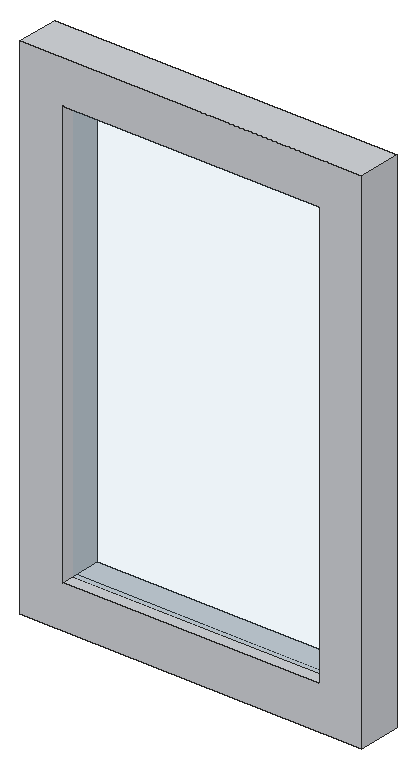
Revit family "PHLS Window", category Windows, host Wall, Revit 2018 (continued)
Definition of nested family "dReveal Right Side Text - Elevation"
  Lines and regions (mm)
    Filled region 7, type "Solid Fill - Blue", in view "Ref. Level"
      outline origin (140.799, 0, 0) x (1, 0, 0) y (0, 1, 0)
        loop
          line (-187.699, -23.161) -> (-177.445, -23.161)
    Filled region 8, type "Solid Fill - Blue", in view "Ref. Level"
      outline origin (177.936, 0, 0) x (1, 0, 0) y (0, 1, 0)
        loop
          line (-188.129, -25.472) -> (-174.751, -25.472)
          spline (-174.751, -25.472) -> (-175.33, -18.793) -> (-178.232, -15.972) -> (-182.297, -15.286) -> (-185.875, -16.235) -> (-188.923, -19.053) -> (-190.829, -22.908) -> (-191.378, -26.678) -> (-190.398, -30.629) -> (-187.637, -33.408) -> (-183.785, -34.191) -> (-179.629, -32.861) -> (-175.591, -27.915)
          line (-175.591, -27.915) -> (-178.628, -27.65)
          spline (-178.628, -27.65) -> (-179.383, -29.083) -> (-180.181, -30.112) -> (-181.08, -30.842) -> (-182.086, -31.328) -> (-183.191, -31.613) -> (-184.325, -31.69) -> (-185.385, -31.524) -> (-186.294, -31.082) -> (-187.053, -30.342) -> (-187.68, -29.283) -> (-188.105, -27.762) -> (-188.129, -25.472)
        loop
          spline (-177.445, -23.161) -> (-177.526, -21.224) -> (-177.805, -19.993) -> (-178.317, -19.083) -> (-179.061, -18.396) -> (-179.944, -17.928) -> (-180.872, -17.685) -> (-181.802, -17.626) -> (-182.746, -17.748) -> (-183.806, -18.125) -> (-185.057, -18.884) -> (-186.406, -20.407) -> (-187.699, -23.161)
          line (-187.699, -23.161) -> (-177.445, -23.161)
    Filled region 9, type "Solid Fill - Blue", in view "Ref. Level"
      outline origin (162.443, 0, 0) x (1, 0, 0) y (0, 1, 0)
        loop
          line (-189.88, -33.819) -> (-186.425, -33.819) -> (-175.939, -15.656) -> (-179.19, -15.656) -> (-187.655, -30.927) -> (-189.88, -15.656) -> (-192.832, -15.656) -> (-189.88, -33.819)
    Filled region 10, type "Solid Fill - Blue", in view "Ref. Level"
      outline origin (197.496, 0, 0) x (1, 0, 0) y (0, 1, 0)
        loop
          spline (-176.731, -33.81) -> (-177.048, -30.756) -> (-176.568, -27.729) -> (-175.862, -24.428) -> (-175.296, -21.761) -> (-175.209, -19.472) -> (-176.174, -17.323) -> (-178.088, -15.946) -> (-180.408, -15.324) -> (-183.076, -15.244) -> (-185.871, -15.924) -> (-188.445, -17.662) -> (-190.254, -20.766)
          line (-190.254, -20.766) -> (-187.177, -21.036)
          spline (-187.177, -21.036) -> (-186.217, -19.367) -> (-185.166, -18.49) -> (-184.123, -18.053) -> (-183.14, -17.828) -> (-182.213, -17.753) -> (-181.329, -17.788) -> (-180.488, -17.931) -> (-179.696, -18.205) -> (-178.989, -18.646) -> (-178.457, -19.328) -> (-178.242, -20.429) -> (-178.61, -22.434)
          spline (-178.61, -22.434) -> (-182.106, -22.969) -> (-185.94, -23.268) -> (-188.411, -23.836) -> (-190.183, -24.81) -> (-191.466, -26.329) -> (-192.072, -28.375) -> (-191.785, -30.63) -> (-190.666, -32.589) -> (-188.815, -33.834) -> (-186.625, -34.269) -> (-184.308, -33.979) -> (-180.197, -31.547)
          line (-180.197, -31.547) -> (-179.837, -33.81) -> (-176.731, -33.81)
        loop
          arc (-179.062, -24.59) -> (-179.61, -24.797) -> (-180.176, -24.947) r 5.632
          spline (-180.176, -24.947) -> (-183.054, -25.289) -> (-185.569, -25.599) -> (-187.565, -26.26) -> (-188.711, -27.474) -> (-189.006, -29.249) -> (-188.323, -30.798) -> (-186.742, -31.691) -> (-184.734, -31.772) -> (-182.898, -31.193) -> (-181.336, -30.093) -> (-180.13, -28.385) -> (-179.062, -24.59)
    Filled region 11, type "Solid Fill - Blue", in view "Ref. Level"
      outline origin (212.589, 0, 0) x (1, 0, 0) y (0, 1, 0)
        loop
          line (-188.472, -33.793) -> (-185.362, -33.793) -> (-180.225, -8.762) -> (-183.335, -8.762) -> (-188.472, -33.793)
    Filled region 12, type "Solid Fill - Blue", in view "Ref. Level"
      outline origin (374.336, 0, 0) x (1, 0, 0) y (0, 1, 0)
        loop
          line (-188.129, -25.472) -> (-174.751, -25.472)
          spline (-174.751, -25.472) -> (-175.33, -18.793) -> (-178.232, -15.972) -> (-182.297, -15.286) -> (-185.875, -16.235) -> (-188.923, -19.053) -> (-190.829, -22.908) -> (-191.378, -26.678) -> (-190.398, -30.629) -> (-187.637, -33.408) -> (-183.785, -34.191) -> (-179.629, -32.861) -> (-175.591, -27.915)
          line (-175.591, -27.915) -> (-178.628, -27.65)
          spline (-178.628, -27.65) -> (-179.383, -29.083) -> (-180.181, -30.112) -> (-181.08, -30.842) -> (-182.086, -31.328) -> (-183.191, -31.613) -> (-184.325, -31.69) -> (-185.385, -31.524) -> (-186.294, -31.082) -> (-187.053, -30.342) -> (-187.68, -29.283) -> (-188.105, -27.762) -> (-188.129, -25.472)
        loop
          spline (-177.445, -23.161) -> (-177.526, -21.224) -> (-177.805, -19.993) -> (-178.317, -19.083) -> (-179.061, -18.396) -> (-179.944, -17.928) -> (-180.872, -17.685) -> (-181.802, -17.626) -> (-182.746, -17.748) -> (-183.806, -18.125) -> (-185.057, -18.884) -> (-186.406, -20.407) -> (-187.699, -23.161)
          line (-187.699, -23.161) -> (-177.445, -23.161)
    Filled region 13, type "Solid Fill - Blue", in view "Ref. Level"
      outline origin (363.908, 0, 0) x (1, 0, 0) y (0, 1, 0)
        loop
          line (-189.097, -33.793) -> (-186.143, -33.793) -> (-181.007, -8.762) -> (-183.96, -8.762) -> (-185.992, -18.666)
          spline (-185.992, -18.666) -> (-189.018, -15.645) -> (-191.89, -15.318) -> (-194.745, -16.312) -> (-197.017, -18.256) -> (-198.758, -21.005) -> (-199.707, -23.911) -> (-199.98, -27.227) -> (-199.492, -30.174) -> (-197.974, -32.627) -> (-195.435, -34.052) -> (-192.553, -33.977) -> (-188.596, -31.353)
          line (-188.596, -31.353) -> (-189.097, -33.793)
        loop
          spline (-187.074, -23.939) -> (-187.766, -19.434) -> (-189.652, -17.96) -> (-191.978, -17.855) -> (-193.982, -19.036) -> (-195.419, -21.043) -> (-196.57, -23.675) -> (-197.008, -26.615) -> (-196.558, -29.314) -> (-195.29, -31.127) -> (-193.225, -31.745) -> (-190.995, -31.199) -> (-187.564, -26.326)
          line (-187.564, -26.326) -> (-187.074, -23.939)
    Filled region 14, type "Solid Fill - Blue", in view "Ref. Level"
      outline origin (301.91, 0, 0) x (1, 0, 0) y (0, 1, 0)
        loop
          spline (-188.225, -31.068) -> (-188.142, -32.2) -> (-187.85, -32.743) -> (-187.548, -33.075) -> (-187.215, -33.366) -> (-186.817, -33.641) -> (-186.334, -33.851) -> (-185.8, -33.988) -> (-185.279, -34.07) -> (-184.77, -34.11) -> (-184.203, -34.117) -> (-183.457, -34.057) -> (-182.296, -33.793)
          line (-182.296, -33.793) -> (-181.778, -31.268)
          spline (-181.778, -31.268) -> (-182.615, -31.431) -> (-183.256, -31.506) -> (-183.748, -31.513) -> (-184.131, -31.466) -> (-184.428, -31.371) -> (-184.66, -31.233) -> (-184.832, -31.045) -> (-184.939, -30.798) -> (-184.983, -30.489) -> (-184.981, -30.117) -> (-184.902, -29.552) -> (-184.676, -28.55)
          line (-184.676, -28.55) -> (-182.44, -18.033) -> (-179.466, -18.033) -> (-178.977, -15.651) -> (-181.952, -15.651) -> (-180.595, -9.043) -> (-184.142, -11.174) -> (-185.061, -15.651) -> (-187.516, -15.651) -> (-188.004, -18.033) -> (-185.55, -18.033) -> (-188.225, -31.068)
    Filled region 15, type "Solid Fill - Blue", in view "Ref. Level"
      outline origin (342.757, 0, 0) x (1, 0, 0) y (0, 1, 0)
        loop
          line (-187.046, -33.813) -> (-183.92, -33.813) -> (-180.059, -15.651) -> (-183.186, -15.651) -> (-187.046, -33.813)
        loop
          line (-178.662, -8.76) -> (-181.772, -8.76) -> (-182.479, -12.206) -> (-179.369, -12.206) -> (-178.662, -8.76)
    Filled region 16, type "Solid Fill - Blue", in view "Ref. Level"
      outline origin (325.902, 0, 0) x (1, 0, 0) y (0, 1, 0)
        loop
          spline (-191.902, -25.696) -> (-188.873, -32.573) -> (-184.7, -34.054) -> (-179.1, -33.911) -> (-174.626, -31.632) -> (-172.605, -27.747) -> (-173.701, -23.276) -> (-177.807, -20.444) -> (-183.106, -18.033) -> (-185.511, -14.656) -> (-182.77, -11.452) -> (-177.656, -11.4) -> (-174.053, -16.091)
          line (-174.053, -16.091) -> (-170.823, -15.809)
          spline (-170.823, -15.809) -> (-173.206, -10.35) -> (-177.749, -8.428) -> (-183.329, -8.698) -> (-187.292, -10.915) -> (-188.76, -15.635) -> (-186.187, -19.894) -> (-181.292, -22.401) -> (-176.599, -25.193) -> (-176.643, -29.277) -> (-181.021, -31.416) -> (-186.304, -30.526) -> (-188.603, -25.407)
          line (-188.603, -25.407) -> (-191.902, -25.696)
    Filled region 17, type "Solid Fill - Blue", in view "Ref. Level"
      outline origin (231.047, 0, 0) x (1, 0, 0) y (0, 1, 0)
        loop
          line (-188.472, -33.793) -> (-185.05, -33.793) -> (-182.768, -22.676) -> (-178.749, -22.676)
          spline (-178.749, -22.676) -> (-177.093, -22.836) -> (-175.853, -23.268) -> (-174.945, -23.899) -> (-174.288, -24.657) -> (-173.796, -25.469) -> (-173.389, -26.266) -> (-173.006, -27.05) -> (-172.612, -27.905) -> (-172.172, -28.918) -> (-171.652, -30.178) -> (-171.017, -31.774) -> (-170.235, -33.793)
          line (-170.235, -33.793) -> (-166.55, -33.793)
          spline (-166.55, -33.793) -> (-167.221, -32.11) -> (-167.783, -30.698) -> (-168.262, -29.514) -> (-168.682, -28.512) -> (-169.068, -27.647) -> (-169.446, -26.874) -> (-169.84, -26.149) -> (-170.279, -25.44) -> (-170.789, -24.735) -> (-171.402, -24.023) -> (-172.145, -23.293) -> (-173.048, -22.536)
          spline (-173.048, -22.536) -> (-169.187, -21.607) -> (-167.872, -20.91) -> (-166.626, -19.99) -> (-165.691, -18.809) -> (-165.041, -17.479) -> (-164.64, -16.087) -> (-164.569, -14.41) -> (-164.781, -12.941) -> (-165.311, -11.614) -> (-166.271, -10.347) -> (-167.333, -9.51) -> (-170.221, -8.762)
          line (-170.221, -8.762) -> (-183.335, -8.762) -> (-188.472, -33.793)
        loop
          line (-180.453, -11.396) -> (-182.195, -19.881) -> (-174.048, -19.881)
          spline (-174.048, -19.881) -> (-171.339, -19.39) -> (-170.403, -18.98) -> (-169.624, -18.453) -> (-168.951, -17.766) -> (-168.372, -16.767) -> (-167.965, -15.727) -> (-167.815, -14.787) -> (-167.91, -13.846) -> (-168.186, -12.981) -> (-168.936, -12.084) -> (-169.762, -11.678) -> (-172.089, -11.396)
          line (-172.089, -11.396) -> (-180.453, -11.396)
    Filled region 18, type "Solid Fill - Blue", in view "Ref. Level"
      outline origin (254.228, 0, 0) x (1, 0, 0) y (0, 1, 0)
        loop
          line (-187.046, -33.813) -> (-183.92, -33.813) -> (-180.059, -15.651) -> (-183.186, -15.651) -> (-187.046, -33.813)
        loop
          line (-178.662, -8.76) -> (-181.772, -8.76) -> (-182.479, -12.206) -> (-179.369, -12.206) -> (-178.662, -8.76)
    Filled region 19, type "Solid Fill - Blue", in view "Ref. Level"
      outline origin (273.129, 0, 0) x (1, 0, 0) y (0, 1, 0)
        loop
          line (-180.059, -15.651) -> (-182.873, -15.651) -> (-183.507, -18.631)
          spline (-183.507, -18.631) -> (-187.01, -15.474) -> (-189.921, -15.283) -> (-192.548, -16.16) -> (-194.909, -18.032) -> (-196.766, -20.673) -> (-197.861, -23.651) -> (-198.089, -26.745) -> (-197.453, -29.77) -> (-195.976, -32.014) -> (-193.714, -33.506) -> (-190.414, -33.658) -> (-186.497, -31.375)
          spline (-186.497, -31.375) -> (-187.176, -34.352) -> (-187.597, -35.867) -> (-188.052, -36.823) -> (-188.69, -37.524) -> (-189.569, -38.048) -> (-190.623, -38.384) -> (-191.767, -38.529) -> (-192.924, -38.517) -> (-193.958, -38.361) -> (-194.751, -38.029) -> (-195.45, -37.333) -> (-195.731, -35.767)
          line (-195.731, -35.767) -> (-198.821, -35.466)
          spline (-198.821, -35.466) -> (-198.736, -37.55) -> (-198.091, -39.018) -> (-196.931, -40.043) -> (-195.401, -40.659) -> (-193.776, -40.988) -> (-192.164, -41.084) -> (-190.591, -40.969) -> (-189.102, -40.652) -> (-187.722, -40.101) -> (-186.377, -39.083) -> (-185.025, -37.23) -> (-183.92, -33.813)
          line (-183.92, -33.813) -> (-180.059, -15.651)
        loop
          spline (-191.883, -31.164) -> (-190.589, -31.311) -> (-189.243, -30.995) -> (-187.939, -30.237) -> (-186.765, -29.087) -> (-185.801, -27.626) -> (-185.113, -25.951) -> (-184.747, -24.178) -> (-184.729, -22.427) -> (-185.06, -20.818) -> (-185.717, -19.46) -> (-186.655, -18.445) -> (-187.811, -17.844)
          spline (-187.811, -17.844) -> (-189.106, -17.696) -> (-190.451, -18.012) -> (-191.755, -18.771) -> (-192.93, -19.92) -> (-193.894, -21.382) -> (-194.582, -23.056) -> (-194.948, -24.829) -> (-194.966, -26.58) -> (-194.635, -28.189) -> (-193.978, -29.548) -> (-193.039, -30.562) -> (-191.883, -31.164)
    Filled region 20, type "Solid Fill - Blue", in view "Ref. Level"
      outline origin (280.845, 0, 0) x (1, 0, 0) y (0, 1, 0)
        loop
          line (-187.203, -33.813) -> (-184.076, -33.813) -> (-182.029, -24.183)
          spline (-182.029, -24.183) -> (-181.055, -21.496) -> (-180.114, -19.985) -> (-179.213, -19.156) -> (-178.355, -18.578) -> (-177.493, -18.149) -> (-176.57, -17.875) -> (-175.595, -17.762) -> (-174.69, -17.814) -> (-173.937, -18.051) -> (-173.31, -18.53) -> (-172.9, -19.34) -> (-173.029, -21.034)
          line (-173.029, -21.034) -> (-175.745, -33.813) -> (-172.618, -33.813) -> (-170.184, -22.361)
          spline (-170.184, -22.361) -> (-169.793, -19.618) -> (-169.966, -18.045) -> (-170.478, -17.066) -> (-171.158, -16.393) -> (-171.899, -15.878) -> (-172.776, -15.508) -> (-173.861, -15.299) -> (-175.038, -15.27) -> (-176.173, -15.439) -> (-177.283, -15.818) -> (-178.473, -16.46) -> (-180.15, -17.713)
          line (-180.15, -17.713) -> (-180.789, -18.352) -> (-178.751, -8.76) -> (-181.877, -8.76) -> (-187.203, -33.813)
Definition of nested family "oOver Text - Elevation"
  Reference planes
    plane 1 "Center (Front/Back)": y = 0
    plane 2: z = 0
    plane 3 "Center (Left/Right)": x = 0
  Lines and regions (mm)
    Filled region 1, type "Solid Fill - Blue", in view "Ref. Level"
      outline origin (89.608, 43, 0) x (1, 0, 0) y (0, 1, 0)
        loop
          line (-188.472, -33.793) -> (-185.05, -33.793) -> (-182.961, -23.613) -> (-175.674, -23.613)
          spline (-175.674, -23.613) -> (-171.33, -22.908) -> (-169.791, -22.309) -> (-168.405, -21.311) -> (-167.201, -20.024) -> (-166.317, -18.518) -> (-165.768, -16.888) -> (-165.579, -15.289) -> (-165.618, -13.63) -> (-166.119, -11.979) -> (-167.07, -10.588) -> (-168.322, -9.573) -> (-171.627, -8.762)
          line (-171.627, -8.762) -> (-183.335, -8.762) -> (-188.472, -33.793)
        loop
          line (-180.453, -11.396) -> (-182.387, -20.819) -> (-175.67, -20.819)
          spline (-175.67, -20.819) -> (-172.662, -20.274) -> (-171.624, -19.818) -> (-170.758, -19.233) -> (-170.01, -18.47) -> (-169.367, -17.36) -> (-168.916, -16.205) -> (-168.749, -15.161) -> (-168.855, -14.116) -> (-169.161, -13.156) -> (-169.994, -12.16) -> (-170.911, -11.709) -> (-173.495, -11.396)
          line (-173.495, -11.396) -> (-180.453, -11.396)
    Filled region 2, type "Solid Fill - Blue", in view "Ref. Level"
      outline origin (112.819, 43, 0) x (1, 0, 0) y (0, 1, 0)
        loop
          line (-188.472, -33.793) -> (-185.05, -33.793) -> (-182.624, -21.973) -> (-169.658, -21.973) -> (-172.083, -33.793) -> (-168.661, -33.793) -> (-163.525, -8.762) -> (-166.947, -8.762) -> (-169.084, -19.178) -> (-182.05, -19.178) -> (-179.913, -8.762) -> (-183.335, -8.762) -> (-188.472, -33.793)
    Filled region 3, type "Solid Fill - Blue", in view "Ref. Level"
      outline origin (138.023, 43, 0) x (1, 0, 0) y (0, 1, 0)
        loop
          line (-188.472, -33.793) -> (-185.05, -33.793) -> (-182.961, -23.613) -> (-175.674, -23.613)
          spline (-175.674, -23.613) -> (-171.33, -22.908) -> (-169.791, -22.309) -> (-168.405, -21.311) -> (-167.201, -20.024) -> (-166.317, -18.518) -> (-165.768, -16.888) -> (-165.579, -15.289) -> (-165.618, -13.63) -> (-166.119, -11.979) -> (-167.07, -10.588) -> (-168.322, -9.573) -> (-171.627, -8.762)
          line (-171.627, -8.762) -> (-183.335, -8.762) -> (-188.472, -33.793)
        loop
          line (-180.453, -11.396) -> (-182.387, -20.819) -> (-175.67, -20.819)
          spline (-175.67, -20.819) -> (-172.662, -20.274) -> (-171.624, -19.818) -> (-170.758, -19.233) -> (-170.01, -18.47) -> (-169.367, -17.36) -> (-168.916, -16.205) -> (-168.749, -15.161) -> (-168.855, -14.116) -> (-169.161, -13.156) -> (-169.994, -12.16) -> (-170.911, -11.709) -> (-173.495, -11.396)
          line (-173.495, -11.396) -> (-180.453, -11.396)
    Filled region 4, type "Solid Fill - Blue", in view "Ref. Level"
      outline origin (161.087, 43, 0) x (1, 0, 0) y (0, 1, 0)
        loop
          line (-188.472, -33.793) -> (-185.05, -33.793) -> (-182.961, -23.613) -> (-175.674, -23.613)
          spline (-175.674, -23.613) -> (-171.33, -22.908) -> (-169.791, -22.309) -> (-168.405, -21.311) -> (-167.201, -20.024) -> (-166.317, -18.518) -> (-165.768, -16.888) -> (-165.579, -15.289) -> (-165.618, -13.63) -> (-166.119, -11.979) -> (-167.07, -10.588) -> (-168.322, -9.573) -> (-171.627, -8.762)
          line (-171.627, -8.762) -> (-183.335, -8.762) -> (-188.472, -33.793)
        loop
          line (-180.453, -11.396) -> (-182.387, -20.819) -> (-175.67, -20.819)
          spline (-175.67, -20.819) -> (-172.662, -20.274) -> (-171.624, -19.818) -> (-170.758, -19.233) -> (-170.01, -18.47) -> (-169.367, -17.36) -> (-168.916, -16.205) -> (-168.749, -15.161) -> (-168.855, -14.116) -> (-169.161, -13.156) -> (-169.994, -12.16) -> (-170.911, -11.709) -> (-173.495, -11.396)
          line (-173.495, -11.396) -> (-180.453, -11.396)
    Filled region 5, type "Solid Fill - Blue", in view "Ref. Level"
      outline origin (261.661, 43, 0) x (1, 0, 0) y (0, 1, 0)
        loop
          line (-188.129, -25.472) -> (-174.751, -25.472)
          spline (-174.751, -25.472) -> (-175.33, -18.793) -> (-178.232, -15.972) -> (-182.297, -15.286) -> (-185.875, -16.235) -> (-188.923, -19.053) -> (-190.829, -22.908) -> (-191.378, -26.678) -> (-190.398, -30.629) -> (-187.637, -33.408) -> (-183.785, -34.191) -> (-179.629, -32.861) -> (-175.591, -27.915)
          line (-175.591, -27.915) -> (-178.628, -27.65)
          spline (-178.628, -27.65) -> (-179.383, -29.083) -> (-180.181, -30.112) -> (-181.08, -30.842) -> (-182.086, -31.328) -> (-183.191, -31.613) -> (-184.325, -31.69) -> (-185.385, -31.524) -> (-186.294, -31.082) -> (-187.053, -30.342) -> (-187.68, -29.283) -> (-188.105, -27.762) -> (-188.129, -25.472)
        loop
          spline (-177.445, -23.161) -> (-177.526, -21.224) -> (-177.805, -19.993) -> (-178.317, -19.083) -> (-179.061, -18.396) -> (-179.944, -17.928) -> (-180.872, -17.685) -> (-181.802, -17.626) -> (-182.746, -17.748) -> (-183.806, -18.125) -> (-185.057, -18.884) -> (-186.406, -20.407) -> (-187.699, -23.161)
          line (-187.699, -23.161) -> (-177.445, -23.161)
    Filled region 6, type "Solid Fill - Blue", in view "Ref. Level"
      outline origin (246.168, 43, 0) x (1, 0, 0) y (0, 1, 0)
        loop
          line (-189.88, -33.819) -> (-186.425, -33.819) -> (-175.939, -15.656) -> (-179.19, -15.656) -> (-187.655, -30.927) -> (-189.88, -15.656) -> (-192.832, -15.656) -> (-189.88, -33.819)
    Filled region 7, type "Solid Fill - Blue", in view "Ref. Level"
      outline origin (275.905, 42.972, 0) x (1, 0, 0) y (0, 1, 0)
        loop
          line (-187.203, -33.813) -> (-184.232, -33.813) -> (-182.187, -24.191)
          spline (-182.187, -24.191) -> (-181.595, -22.531) -> (-181.014, -21.296) -> (-180.448, -20.401) -> (-179.904, -19.758) -> (-179.385, -19.282) -> (-178.893, -18.903) -> (-178.403, -18.603) -> (-177.889, -18.375) -> (-177.325, -18.211) -> (-176.675, -18.137) -> (-175.886, -18.259) -> (-174.899, -18.698)
          line (-174.899, -18.698) -> (-173.695, -15.861)
          spline (-173.695, -15.861) -> (-174.712, -15.452) -> (-175.433, -15.243) -> (-176.054, -15.188) -> (-176.66, -15.253) -> (-177.241, -15.405) -> (-177.786, -15.618) -> (-178.303, -15.896) -> (-178.811, -16.26) -> (-179.331, -16.733) -> (-179.901, -17.353) -> (-180.588, -18.186) -> (-181.46, -19.3)
          line (-181.46, -19.3) -> (-180.684, -15.651) -> (-183.342, -15.651) -> (-187.203, -33.813)
    Filled region 8, type "Solid Fill - Blue", in view "Ref. Level"
      outline origin (231.737, 44.261, 0) x (1, 0, 0) y (0, 1, 0)
        loop
          spline (-197.159, -32.146) -> (-194.96, -32.651) -> (-192.646, -32.462) -> (-190.372, -31.592) -> (-188.295, -30.101) -> (-186.555, -28.09) -> (-185.271, -25.696) -> (-184.532, -23.082) -> (-184.386, -20.427) -> (-184.844, -17.911) -> (-185.876, -15.706) -> (-187.41, -13.962) -> (-189.341, -12.798)
          spline (-189.341, -12.798) -> (-191.54, -12.293) -> (-193.854, -12.482) -> (-196.128, -13.352) -> (-198.205, -14.843) -> (-199.945, -16.854) -> (-201.229, -19.248) -> (-201.968, -21.862) -> (-202.114, -24.517) -> (-201.655, -27.033) -> (-200.624, -29.238) -> (-199.09, -30.982) -> (-197.159, -32.146)
        loop
          spline (-198.217, -34.766) -> (-195.257, -35.474) -> (-192.161, -35.297) -> (-189.138, -34.245) -> (-186.396, -32.391) -> (-184.121, -29.862) -> (-182.468, -26.828) -> (-181.55, -23.498) -> (-181.429, -20.098) -> (-182.114, -16.859) -> (-183.557, -14.003) -> (-185.662, -11.724) -> (-188.283, -10.178)
          spline (-188.283, -10.178) -> (-191.243, -9.47) -> (-194.339, -9.647) -> (-197.362, -10.699) -> (-200.104, -12.553) -> (-202.379, -15.082) -> (-204.032, -18.116) -> (-204.95, -21.446) -> (-205.071, -24.846) -> (-204.386, -28.085) -> (-202.942, -30.941) -> (-200.838, -33.22) -> (-198.217, -34.766)
    Filled region 9, type "Solid Fill - Blue", in view "Ref. Level"
      outline origin (199.751, 43.237, 0) x (1, 0, 0) y (0, 1, 0)
        loop
          spline (-187.2, -31.928) -> (-185.814, -32.036) -> (-184.391, -31.647) -> (-183.027, -30.787) -> (-181.817, -29.514) -> (-180.842, -27.915) -> (-180.169, -26.1) -> (-179.844, -24.191) -> (-179.889, -22.319) -> (-180.301, -20.612) -> (-181.051, -19.185) -> (-182.089, -18.136) -> (-183.345, -17.537)
          spline (-183.345, -17.537) -> (-184.731, -17.428) -> (-186.154, -17.818) -> (-187.518, -18.678) -> (-188.728, -19.951) -> (-189.703, -21.549) -> (-190.376, -23.365) -> (-190.701, -25.274) -> (-190.656, -27.146) -> (-190.244, -28.853) -> (-189.494, -30.28) -> (-188.455, -31.328) -> (-187.2, -31.928)
        loop
          spline (-187.969, -34.137) -> (-185.791, -34.414) -> (-183.578, -34.032) -> (-181.481, -33.016) -> (-179.642, -31.436) -> (-178.186, -29.399) -> (-177.214, -27.043) -> (-176.79, -24.53) -> (-176.945, -22.031) -> (-177.667, -19.717) -> (-178.908, -17.743) -> (-180.582, -16.247) -> (-182.576, -15.328)
          spline (-182.576, -15.328) -> (-184.753, -15.05) -> (-186.967, -15.433) -> (-189.064, -16.448) -> (-190.903, -18.029) -> (-192.359, -20.066) -> (-193.331, -22.422) -> (-193.755, -24.934) -> (-193.6, -27.433) -> (-192.878, -29.748) -> (-191.637, -31.721) -> (-189.963, -33.218) -> (-187.969, -34.137)
Definition of nested family "dOver Text - Elevation"
  Reference planes
    plane 1 "Center (Front/Back)": y = 0
    plane 2: z = 0
    plane 3 "Center (Left/Right)": x = 0
  Lines and regions (mm)
    Filled region 1, type "Solid Fill - Blue", in view "Ref. Level"
      outline origin (89.608, 0, 0) x (1, 0, 0) y (0, 1, 0)
        loop
          line (-188.472, -33.793) -> (-185.05, -33.793) -> (-182.961, -23.613) -> (-175.674, -23.613)
          spline (-175.674, -23.613) -> (-171.33, -22.908) -> (-169.791, -22.309) -> (-168.405, -21.311) -> (-167.201, -20.024) -> (-166.317, -18.518) -> (-165.768, -16.888) -> (-165.579, -15.289) -> (-165.618, -13.63) -> (-166.119, -11.979) -> (-167.07, -10.588) -> (-168.322, -9.573) -> (-171.627, -8.762)
          line (-171.627, -8.762) -> (-183.335, -8.762) -> (-188.472, -33.793)
        loop
          line (-180.453, -11.396) -> (-182.387, -20.819) -> (-175.67, -20.819)
          spline (-175.67, -20.819) -> (-172.662, -20.274) -> (-171.624, -19.818) -> (-170.758, -19.233) -> (-170.01, -18.47) -> (-169.367, -17.36) -> (-168.916, -16.205) -> (-168.749, -15.161) -> (-168.855, -14.116) -> (-169.161, -13.156) -> (-169.994, -12.16) -> (-170.911, -11.709) -> (-173.495, -11.396)
          line (-173.495, -11.396) -> (-180.453, -11.396)
    Filled region 2, type "Solid Fill - Blue", in view "Ref. Level"
      outline origin (112.819, 0, 0) x (1, 0, 0) y (0, 1, 0)
        loop
          line (-188.472, -33.793) -> (-185.05, -33.793) -> (-182.624, -21.973) -> (-169.658, -21.973) -> (-172.083, -33.793) -> (-168.661, -33.793) -> (-163.525, -8.762) -> (-166.947, -8.762) -> (-169.084, -19.178) -> (-182.05, -19.178) -> (-179.913, -8.762) -> (-183.335, -8.762) -> (-188.472, -33.793)
    Filled region 3, type "Solid Fill - Blue", in view "Ref. Level"
      outline origin (138.023, 0, 0) x (1, 0, 0) y (0, 1, 0)
        loop
          line (-188.472, -33.793) -> (-185.05, -33.793) -> (-182.961, -23.613) -> (-175.674, -23.613)
          spline (-175.674, -23.613) -> (-171.33, -22.908) -> (-169.791, -22.309) -> (-168.405, -21.311) -> (-167.201, -20.024) -> (-166.317, -18.518) -> (-165.768, -16.888) -> (-165.579, -15.289) -> (-165.618, -13.63) -> (-166.119, -11.979) -> (-167.07, -10.588) -> (-168.322, -9.573) -> (-171.627, -8.762)
          line (-171.627, -8.762) -> (-183.335, -8.762) -> (-188.472, -33.793)
        loop
          line (-180.453, -11.396) -> (-182.387, -20.819) -> (-175.67, -20.819)
          spline (-175.67, -20.819) -> (-172.662, -20.274) -> (-171.624, -19.818) -> (-170.758, -19.233) -> (-170.01, -18.47) -> (-169.367, -17.36) -> (-168.916, -16.205) -> (-168.749, -15.161) -> (-168.855, -14.116) -> (-169.161, -13.156) -> (-169.994, -12.16) -> (-170.911, -11.709) -> (-173.495, -11.396)
          line (-173.495, -11.396) -> (-180.453, -11.396)
    Filled region 4, type "Solid Fill - Blue", in view "Ref. Level"
      outline origin (161.087, 0, 0) x (1, 0, 0) y (0, 1, 0)
        loop
          line (-188.472, -33.793) -> (-185.05, -33.793) -> (-182.961, -23.613) -> (-175.674, -23.613)
          spline (-175.674, -23.613) -> (-171.33, -22.908) -> (-169.791, -22.309) -> (-168.405, -21.311) -> (-167.201, -20.024) -> (-166.317, -18.518) -> (-165.768, -16.888) -> (-165.579, -15.289) -> (-165.618, -13.63) -> (-166.119, -11.979) -> (-167.07, -10.588) -> (-168.322, -9.573) -> (-171.627, -8.762)
          line (-171.627, -8.762) -> (-183.335, -8.762) -> (-188.472, -33.793)
        loop
          line (-180.453, -11.396) -> (-182.387, -20.819) -> (-175.67, -20.819)
          spline (-175.67, -20.819) -> (-172.662, -20.274) -> (-171.624, -19.818) -> (-170.758, -19.233) -> (-170.01, -18.47) -> (-169.367, -17.36) -> (-168.916, -16.205) -> (-168.749, -15.161) -> (-168.855, -14.116) -> (-169.161, -13.156) -> (-169.994, -12.16) -> (-170.911, -11.709) -> (-173.495, -11.396)
          line (-173.495, -11.396) -> (-180.453, -11.396)
    Filled region 5, type "Solid Fill - Blue", in view "Ref. Level"
      outline origin (206.087, 0, 0) x (1, 0, 0) y (0, 1, 0)
        loop
          line (-189.097, -33.793) -> (-186.143, -33.793) -> (-181.007, -8.762) -> (-183.96, -8.762) -> (-185.992, -18.666)
          spline (-185.992, -18.666) -> (-189.018, -15.645) -> (-191.89, -15.318) -> (-194.745, -16.312) -> (-197.017, -18.256) -> (-198.758, -21.005) -> (-199.707, -23.911) -> (-199.98, -27.227) -> (-199.492, -30.174) -> (-197.974, -32.627) -> (-195.435, -34.052) -> (-192.553, -33.977) -> (-188.596, -31.353)
          line (-188.596, -31.353) -> (-189.097, -33.793)
        loop
          spline (-187.074, -23.939) -> (-187.766, -19.434) -> (-189.652, -17.96) -> (-191.978, -17.855) -> (-193.982, -19.036) -> (-195.419, -21.043) -> (-196.57, -23.675) -> (-197.008, -26.615) -> (-196.558, -29.314) -> (-195.29, -31.127) -> (-193.225, -31.745) -> (-190.995, -31.199) -> (-187.564, -26.326)
          line (-187.564, -26.326) -> (-187.074, -23.939)
    Filled region 6, type "Solid Fill - Blue", in view "Ref. Level"
      outline origin (261.661, 0, 0) x (1, 0, 0) y (0, 1, 0)
        loop
          line (-188.129, -25.472) -> (-174.751, -25.472)
          spline (-174.751, -25.472) -> (-175.33, -18.793) -> (-178.232, -15.972) -> (-182.297, -15.286) -> (-185.875, -16.235) -> (-188.923, -19.053) -> (-190.829, -22.908) -> (-191.378, -26.678) -> (-190.398, -30.629) -> (-187.637, -33.408) -> (-183.785, -34.191) -> (-179.629, -32.861) -> (-175.591, -27.915)
          line (-175.591, -27.915) -> (-178.628, -27.65)
          spline (-178.628, -27.65) -> (-179.383, -29.083) -> (-180.181, -30.112) -> (-181.08, -30.842) -> (-182.086, -31.328) -> (-183.191, -31.613) -> (-184.325, -31.69) -> (-185.385, -31.524) -> (-186.294, -31.082) -> (-187.053, -30.342) -> (-187.68, -29.283) -> (-188.105, -27.762) -> (-188.129, -25.472)
        loop
          spline (-177.445, -23.161) -> (-177.526, -21.224) -> (-177.805, -19.993) -> (-178.317, -19.083) -> (-179.061, -18.396) -> (-179.944, -17.928) -> (-180.872, -17.685) -> (-181.802, -17.626) -> (-182.746, -17.748) -> (-183.806, -18.125) -> (-185.057, -18.884) -> (-186.406, -20.407) -> (-187.699, -23.161)
          line (-187.699, -23.161) -> (-177.445, -23.161)
    Filled region 7, type "Solid Fill - Blue", in view "Ref. Level"
      outline origin (246.168, 0, 0) x (1, 0, 0) y (0, 1, 0)
        loop
          line (-189.88, -33.819) -> (-186.425, -33.819) -> (-175.939, -15.656) -> (-179.19, -15.656) -> (-187.655, -30.927) -> (-189.88, -15.656) -> (-192.832, -15.656) -> (-189.88, -33.819)
    Filled region 8, type "Solid Fill - Blue", in view "Ref. Level"
      outline origin (275.905, -0.028, 0) x (1, 0, 0) y (0, 1, 0)
        loop
          line (-187.203, -33.813) -> (-184.232, -33.813) -> (-182.187, -24.191)
          spline (-182.187, -24.191) -> (-181.595, -22.531) -> (-181.014, -21.296) -> (-180.448, -20.401) -> (-179.904, -19.758) -> (-179.385, -19.282) -> (-178.893, -18.903) -> (-178.403, -18.603) -> (-177.889, -18.375) -> (-177.325, -18.211) -> (-176.675, -18.137) -> (-175.886, -18.259) -> (-174.899, -18.698)
          line (-174.899, -18.698) -> (-173.695, -15.861)
          spline (-173.695, -15.861) -> (-174.712, -15.452) -> (-175.433, -15.243) -> (-176.054, -15.188) -> (-176.66, -15.253) -> (-177.241, -15.405) -> (-177.786, -15.618) -> (-178.303, -15.896) -> (-178.811, -16.26) -> (-179.331, -16.733) -> (-179.901, -17.353) -> (-180.588, -18.186) -> (-181.46, -19.3)
          line (-181.46, -19.3) -> (-180.684, -15.651) -> (-183.342, -15.651) -> (-187.203, -33.813)
    Filled region 9, type "Solid Fill - Blue", in view "Ref. Level"
      outline origin (231.737, 1.261, 0) x (1, 0, 0) y (0, 1, 0)
        loop
          spline (-197.159, -32.146) -> (-194.96, -32.651) -> (-192.646, -32.462) -> (-190.372, -31.592) -> (-188.295, -30.101) -> (-186.555, -28.09) -> (-185.271, -25.696) -> (-184.532, -23.082) -> (-184.386, -20.427) -> (-184.844, -17.911) -> (-185.876, -15.706) -> (-187.41, -13.962) -> (-189.341, -12.798)
          spline (-189.341, -12.798) -> (-191.54, -12.293) -> (-193.854, -12.482) -> (-196.128, -13.352) -> (-198.205, -14.843) -> (-199.945, -16.854) -> (-201.229, -19.248) -> (-201.968, -21.862) -> (-202.114, -24.517) -> (-201.655, -27.033) -> (-200.624, -29.238) -> (-199.09, -30.982) -> (-197.159, -32.146)
        loop
          spline (-198.217, -34.766) -> (-195.257, -35.474) -> (-192.161, -35.297) -> (-189.138, -34.245) -> (-186.396, -32.391) -> (-184.121, -29.862) -> (-182.468, -26.828) -> (-181.55, -23.498) -> (-181.429, -20.098) -> (-182.114, -16.859) -> (-183.557, -14.003) -> (-185.662, -11.724) -> (-188.283, -10.178)
          spline (-188.283, -10.178) -> (-191.243, -9.47) -> (-194.339, -9.647) -> (-197.362, -10.699) -> (-200.104, -12.553) -> (-202.379, -15.082) -> (-204.032, -18.116) -> (-204.95, -21.446) -> (-205.071, -24.846) -> (-204.386, -28.085) -> (-202.942, -30.941) -> (-200.838, -33.22) -> (-198.217, -34.766)
Definition of nested family "dHori Text - Elevation"
  Reference planes
    plane 1 "Center (Front/Back)": y = 0
    plane 2: z = 0
    plane 3 "Center (Left/Right)": x = 0
  Lines and regions (mm)
    Filled region 1, type "Solid Fill - Blue", in view "Ref. Level"
      outline origin (96.015, 0, 0) x (1, 0, 0) y (0, 1, 0)
        loop
          line (-188.472, -33.793) -> (-185.05, -33.793) -> (-182.961, -23.613) -> (-175.674, -23.613)
          spline (-175.674, -23.613) -> (-171.33, -22.908) -> (-169.791, -22.309) -> (-168.405, -21.311) -> (-167.201, -20.024) -> (-166.317, -18.518) -> (-165.768, -16.888) -> (-165.579, -15.289) -> (-165.618, -13.63) -> (-166.119, -11.979) -> (-167.07, -10.588) -> (-168.322, -9.573) -> (-171.627, -8.762)
          line (-171.627, -8.762) -> (-183.335, -8.762) -> (-188.472, -33.793)
        loop
          line (-180.453, -11.396) -> (-182.387, -20.819) -> (-175.67, -20.819)
          spline (-175.67, -20.819) -> (-172.662, -20.274) -> (-171.624, -19.818) -> (-170.758, -19.233) -> (-170.01, -18.47) -> (-169.367, -17.36) -> (-168.916, -16.205) -> (-168.749, -15.161) -> (-168.855, -14.116) -> (-169.161, -13.156) -> (-169.994, -12.16) -> (-170.911, -11.709) -> (-173.495, -11.396)
          line (-173.495, -11.396) -> (-180.453, -11.396)
    Filled region 2, type "Solid Fill - Blue", in view "Ref. Level"
      outline origin (119.226, 0, 0) x (1, 0, 0) y (0, 1, 0)
        loop
          line (-188.472, -33.793) -> (-185.05, -33.793) -> (-182.624, -21.973) -> (-169.658, -21.973) -> (-172.083, -33.793) -> (-168.661, -33.793) -> (-163.525, -8.762) -> (-166.947, -8.762) -> (-169.084, -19.178) -> (-182.05, -19.178) -> (-179.913, -8.762) -> (-183.335, -8.762) -> (-188.472, -33.793)
    Filled region 3, type "Solid Fill - Blue", in view "Ref. Level"
      outline origin (144.429, 0, 0) x (1, 0, 0) y (0, 1, 0)
        loop
          line (-188.472, -33.793) -> (-185.05, -33.793) -> (-182.961, -23.613) -> (-175.674, -23.613)
          spline (-175.674, -23.613) -> (-171.33, -22.908) -> (-169.791, -22.309) -> (-168.405, -21.311) -> (-167.201, -20.024) -> (-166.317, -18.518) -> (-165.768, -16.888) -> (-165.579, -15.289) -> (-165.618, -13.63) -> (-166.119, -11.979) -> (-167.07, -10.588) -> (-168.322, -9.573) -> (-171.627, -8.762)
          line (-171.627, -8.762) -> (-183.335, -8.762) -> (-188.472, -33.793)
        loop
          line (-180.453, -11.396) -> (-182.387, -20.819) -> (-175.67, -20.819)
          spline (-175.67, -20.819) -> (-172.662, -20.274) -> (-171.624, -19.818) -> (-170.758, -19.233) -> (-170.01, -18.47) -> (-169.367, -17.36) -> (-168.916, -16.205) -> (-168.749, -15.161) -> (-168.855, -14.116) -> (-169.161, -13.156) -> (-169.994, -12.16) -> (-170.911, -11.709) -> (-173.495, -11.396)
          line (-173.495, -11.396) -> (-180.453, -11.396)
    Filled region 4, type "Solid Fill - Blue", in view "Ref. Level"
      outline origin (167.493, 0, 0) x (1, 0, 0) y (0, 1, 0)
        loop
          line (-188.472, -33.793) -> (-185.05, -33.793) -> (-182.961, -23.613) -> (-175.674, -23.613)
          spline (-175.674, -23.613) -> (-171.33, -22.908) -> (-169.791, -22.309) -> (-168.405, -21.311) -> (-167.201, -20.024) -> (-166.317, -18.518) -> (-165.768, -16.888) -> (-165.579, -15.289) -> (-165.618, -13.63) -> (-166.119, -11.979) -> (-167.07, -10.588) -> (-168.322, -9.573) -> (-171.627, -8.762)
          line (-171.627, -8.762) -> (-183.335, -8.762) -> (-188.472, -33.793)
        loop
          line (-180.453, -11.396) -> (-182.387, -20.819) -> (-175.67, -20.819)
          spline (-175.67, -20.819) -> (-172.662, -20.274) -> (-171.624, -19.818) -> (-170.758, -19.233) -> (-170.01, -18.47) -> (-169.367, -17.36) -> (-168.916, -16.205) -> (-168.749, -15.161) -> (-168.855, -14.116) -> (-169.161, -13.156) -> (-169.994, -12.16) -> (-170.911, -11.709) -> (-173.495, -11.396)
          line (-173.495, -11.396) -> (-180.453, -11.396)
    Filled region 5, type "Solid Fill - Blue", in view "Ref. Level"
      outline origin (212.493, 0, 0) x (1, 0, 0) y (0, 1, 0)
        loop
          line (-189.097, -33.793) -> (-186.143, -33.793) -> (-181.007, -8.762) -> (-183.96, -8.762) -> (-185.992, -18.666)
          spline (-185.992, -18.666) -> (-189.018, -15.645) -> (-191.89, -15.318) -> (-194.745, -16.312) -> (-197.017, -18.256) -> (-198.758, -21.005) -> (-199.707, -23.911) -> (-199.98, -27.227) -> (-199.492, -30.174) -> (-197.974, -32.627) -> (-195.435, -34.052) -> (-192.553, -33.977) -> (-188.596, -31.353)
          line (-188.596, -31.353) -> (-189.097, -33.793)
        loop
          spline (-187.074, -23.939) -> (-187.766, -19.434) -> (-189.652, -17.96) -> (-191.978, -17.855) -> (-193.982, -19.036) -> (-195.419, -21.043) -> (-196.57, -23.675) -> (-197.008, -26.615) -> (-196.558, -29.314) -> (-195.29, -31.127) -> (-193.225, -31.745) -> (-190.995, -31.199) -> (-187.564, -26.326)
          line (-187.564, -26.326) -> (-187.074, -23.939)
    Filled region 6, type "Solid Fill - Blue", in view "Ref. Level"
      outline origin (219.538, 0, 0) x (1, 0, 0) y (0, 1, 0)
        loop
          line (-188.472, -33.793) -> (-185.05, -33.793) -> (-182.624, -21.973) -> (-169.658, -21.973) -> (-172.083, -33.793) -> (-168.661, -33.793) -> (-163.525, -8.762) -> (-166.947, -8.762) -> (-169.084, -19.178) -> (-182.05, -19.178) -> (-179.913, -8.762) -> (-183.335, -8.762) -> (-188.472, -33.793)
    Filled region 7, type "Solid Fill - Blue", in view "Ref. Level"
      outline origin (273.973, -0.029, 0) x (1, 0, 0) y (0, 1, 0)
        loop
          line (-187.046, -33.813) -> (-183.92, -33.813) -> (-180.059, -15.651) -> (-183.186, -15.651) -> (-187.046, -33.813)
        loop
          line (-178.662, -8.76) -> (-181.772, -8.76) -> (-182.479, -12.206) -> (-179.369, -12.206) -> (-178.662, -8.76)
    Filled region 8, type "Solid Fill - Blue", in view "Ref. Level"
      outline origin (262.354, -0.029, 0) x (1, 0, 0) y (0, 1, 0)
        loop
          line (-187.203, -33.813) -> (-184.232, -33.813) -> (-182.187, -24.191)
          spline (-182.187, -24.191) -> (-181.595, -22.531) -> (-181.014, -21.296) -> (-180.448, -20.401) -> (-179.904, -19.758) -> (-179.385, -19.282) -> (-178.893, -18.903) -> (-178.403, -18.603) -> (-177.889, -18.375) -> (-177.325, -18.211) -> (-176.675, -18.137) -> (-175.886, -18.259) -> (-174.899, -18.698)
          line (-174.899, -18.698) -> (-173.695, -15.861)
          spline (-173.695, -15.861) -> (-174.712, -15.452) -> (-175.433, -15.243) -> (-176.054, -15.188) -> (-176.66, -15.253) -> (-177.241, -15.405) -> (-177.786, -15.618) -> (-178.303, -15.896) -> (-178.811, -16.26) -> (-179.331, -16.733) -> (-179.901, -17.353) -> (-180.588, -18.186) -> (-181.46, -19.3)
          line (-181.46, -19.3) -> (-180.684, -15.651) -> (-183.342, -15.651) -> (-187.203, -33.813)
    Filled region 9, type "Solid Fill - Blue", in view "Ref. Level"
      outline origin (250.372, -0.029, 0) x (1, 0, 0) y (0, 1, 0)
        loop
          spline (-187.2, -31.928) -> (-185.814, -32.036) -> (-184.391, -31.647) -> (-183.027, -30.787) -> (-181.817, -29.514) -> (-180.842, -27.915) -> (-180.169, -26.1) -> (-179.844, -24.191) -> (-179.889, -22.319) -> (-180.301, -20.612) -> (-181.051, -19.185) -> (-182.089, -18.136) -> (-183.345, -17.537)
          spline (-183.345, -17.537) -> (-184.731, -17.428) -> (-186.154, -17.818) -> (-187.518, -18.678) -> (-188.728, -19.951) -> (-189.703, -21.549) -> (-190.376, -23.365) -> (-190.701, -25.274) -> (-190.656, -27.146) -> (-190.244, -28.853) -> (-189.494, -30.28) -> (-188.455, -31.328) -> (-187.2, -31.928)
        loop
          spline (-187.969, -34.137) -> (-185.791, -34.414) -> (-183.578, -34.032) -> (-181.481, -33.016) -> (-179.642, -31.436) -> (-178.186, -29.399) -> (-177.214, -27.043) -> (-176.79, -24.53) -> (-176.945, -22.031) -> (-177.667, -19.717) -> (-178.908, -17.743) -> (-180.582, -16.247) -> (-182.576, -15.328)
          spline (-182.576, -15.328) -> (-184.753, -15.05) -> (-186.967, -15.433) -> (-189.064, -16.448) -> (-190.903, -18.029) -> (-192.359, -20.066) -> (-193.331, -22.422) -> (-193.755, -24.934) -> (-193.6, -27.433) -> (-192.878, -29.748) -> (-191.637, -31.721) -> (-189.963, -33.218) -> (-187.969, -34.137)
Definition of nested family "hHori Text - Elevation"
  Reference planes
    plane 1 "Center (Front/Back)": y = 0
    plane 2: z = 0
    plane 3 "Center (Left/Right)": x = 0
  Lines and regions (mm)
    Filled region 1, type "Solid Fill - Blue", in view "Ref. Level"
      outline origin (96.015, 45, 0) x (1, 0, 0) y (0, 1, 0)
        loop
          line (-188.472, -33.793) -> (-185.05, -33.793) -> (-182.961, -23.613) -> (-175.674, -23.613)
          spline (-175.674, -23.613) -> (-171.33, -22.908) -> (-169.791, -22.309) -> (-168.405, -21.311) -> (-167.201, -20.024) -> (-166.317, -18.518) -> (-165.768, -16.888) -> (-165.579, -15.289) -> (-165.618, -13.63) -> (-166.119, -11.979) -> (-167.07, -10.588) -> (-168.322, -9.573) -> (-171.627, -8.762)
          line (-171.627, -8.762) -> (-183.335, -8.762) -> (-188.472, -33.793)
        loop
          line (-180.453, -11.396) -> (-182.387, -20.819) -> (-175.67, -20.819)
          spline (-175.67, -20.819) -> (-172.662, -20.274) -> (-171.624, -19.818) -> (-170.758, -19.233) -> (-170.01, -18.47) -> (-169.367, -17.36) -> (-168.916, -16.205) -> (-168.749, -15.161) -> (-168.855, -14.116) -> (-169.161, -13.156) -> (-169.994, -12.16) -> (-170.911, -11.709) -> (-173.495, -11.396)
          line (-173.495, -11.396) -> (-180.453, -11.396)
    Filled region 2, type "Solid Fill - Blue", in view "Ref. Level"
      outline origin (119.226, 45, 0) x (1, 0, 0) y (0, 1, 0)
        loop
          line (-188.472, -33.793) -> (-185.05, -33.793) -> (-182.624, -21.973) -> (-169.658, -21.973) -> (-172.083, -33.793) -> (-168.661, -33.793) -> (-163.525, -8.762) -> (-166.947, -8.762) -> (-169.084, -19.178) -> (-182.05, -19.178) -> (-179.913, -8.762) -> (-183.335, -8.762) -> (-188.472, -33.793)
    Filled region 3, type "Solid Fill - Blue", in view "Ref. Level"
      outline origin (144.429, 45, 0) x (1, 0, 0) y (0, 1, 0)
        loop
          line (-188.472, -33.793) -> (-185.05, -33.793) -> (-182.961, -23.613) -> (-175.674, -23.613)
          spline (-175.674, -23.613) -> (-171.33, -22.908) -> (-169.791, -22.309) -> (-168.405, -21.311) -> (-167.201, -20.024) -> (-166.317, -18.518) -> (-165.768, -16.888) -> (-165.579, -15.289) -> (-165.618, -13.63) -> (-166.119, -11.979) -> (-167.07, -10.588) -> (-168.322, -9.573) -> (-171.627, -8.762)
          line (-171.627, -8.762) -> (-183.335, -8.762) -> (-188.472, -33.793)
        loop
          line (-180.453, -11.396) -> (-182.387, -20.819) -> (-175.67, -20.819)
          spline (-175.67, -20.819) -> (-172.662, -20.274) -> (-171.624, -19.818) -> (-170.758, -19.233) -> (-170.01, -18.47) -> (-169.367, -17.36) -> (-168.916, -16.205) -> (-168.749, -15.161) -> (-168.855, -14.116) -> (-169.161, -13.156) -> (-169.994, -12.16) -> (-170.911, -11.709) -> (-173.495, -11.396)
          line (-173.495, -11.396) -> (-180.453, -11.396)
    Filled region 4, type "Solid Fill - Blue", in view "Ref. Level"
      outline origin (167.493, 45, 0) x (1, 0, 0) y (0, 1, 0)
        loop
          line (-188.472, -33.793) -> (-185.05, -33.793) -> (-182.961, -23.613) -> (-175.674, -23.613)
          spline (-175.674, -23.613) -> (-171.33, -22.908) -> (-169.791, -22.309) -> (-168.405, -21.311) -> (-167.201, -20.024) -> (-166.317, -18.518) -> (-165.768, -16.888) -> (-165.579, -15.289) -> (-165.618, -13.63) -> (-166.119, -11.979) -> (-167.07, -10.588) -> (-168.322, -9.573) -> (-171.627, -8.762)
          line (-171.627, -8.762) -> (-183.335, -8.762) -> (-188.472, -33.793)
        loop
          line (-180.453, -11.396) -> (-182.387, -20.819) -> (-175.67, -20.819)
          spline (-175.67, -20.819) -> (-172.662, -20.274) -> (-171.624, -19.818) -> (-170.758, -19.233) -> (-170.01, -18.47) -> (-169.367, -17.36) -> (-168.916, -16.205) -> (-168.749, -15.161) -> (-168.855, -14.116) -> (-169.161, -13.156) -> (-169.994, -12.16) -> (-170.911, -11.709) -> (-173.495, -11.396)
          line (-173.495, -11.396) -> (-180.453, -11.396)
    Filled region 5, type "Solid Fill - Blue", in view "Ref. Level"
      outline origin (219.538, 45, 0) x (1, 0, 0) y (0, 1, 0)
        loop
          line (-188.472, -33.793) -> (-185.05, -33.793) -> (-182.624, -21.973) -> (-169.658, -21.973) -> (-172.083, -33.793) -> (-168.661, -33.793) -> (-163.525, -8.762) -> (-166.947, -8.762) -> (-169.084, -19.178) -> (-182.05, -19.178) -> (-179.913, -8.762) -> (-183.335, -8.762) -> (-188.472, -33.793)
    Filled region 6, type "Solid Fill - Blue", in view "Ref. Level"
      outline origin (273.973, 44.971, 0) x (1, 0, 0) y (0, 1, 0)
        loop
          line (-187.046, -33.813) -> (-183.92, -33.813) -> (-180.059, -15.651) -> (-183.186, -15.651) -> (-187.046, -33.813)
        loop
          line (-178.662, -8.76) -> (-181.772, -8.76) -> (-182.479, -12.206) -> (-179.369, -12.206) -> (-178.662, -8.76)
    Filled region 7, type "Solid Fill - Blue", in view "Ref. Level"
      outline origin (262.354, 44.971, 0) x (1, 0, 0) y (0, 1, 0)
        loop
          line (-187.203, -33.813) -> (-184.232, -33.813) -> (-182.187, -24.191)
          spline (-182.187, -24.191) -> (-181.595, -22.531) -> (-181.014, -21.296) -> (-180.448, -20.401) -> (-179.904, -19.758) -> (-179.385, -19.282) -> (-178.893, -18.903) -> (-178.403, -18.603) -> (-177.889, -18.375) -> (-177.325, -18.211) -> (-176.675, -18.137) -> (-175.886, -18.259) -> (-174.899, -18.698)
          line (-174.899, -18.698) -> (-173.695, -15.861)
          spline (-173.695, -15.861) -> (-174.712, -15.452) -> (-175.433, -15.243) -> (-176.054, -15.188) -> (-176.66, -15.253) -> (-177.241, -15.405) -> (-177.786, -15.618) -> (-178.303, -15.896) -> (-178.811, -16.26) -> (-179.331, -16.733) -> (-179.901, -17.353) -> (-180.588, -18.186) -> (-181.46, -19.3)
          line (-181.46, -19.3) -> (-180.684, -15.651) -> (-183.342, -15.651) -> (-187.203, -33.813)
    Filled region 8, type "Solid Fill - Blue", in view "Ref. Level"
      outline origin (250.372, 44.971, 0) x (1, 0, 0) y (0, 1, 0)
        loop
          spline (-187.2, -31.928) -> (-185.814, -32.036) -> (-184.391, -31.647) -> (-183.027, -30.787) -> (-181.817, -29.514) -> (-180.842, -27.915) -> (-180.169, -26.1) -> (-179.844, -24.191) -> (-179.889, -22.319) -> (-180.301, -20.612) -> (-181.051, -19.185) -> (-182.089, -18.136) -> (-183.345, -17.537)
          spline (-183.345, -17.537) -> (-184.731, -17.428) -> (-186.154, -17.818) -> (-187.518, -18.678) -> (-188.728, -19.951) -> (-189.703, -21.549) -> (-190.376, -23.365) -> (-190.701, -25.274) -> (-190.656, -27.146) -> (-190.244, -28.853) -> (-189.494, -30.28) -> (-188.455, -31.328) -> (-187.2, -31.928)
        loop
          spline (-187.969, -34.137) -> (-185.791, -34.414) -> (-183.578, -34.032) -> (-181.481, -33.016) -> (-179.642, -31.436) -> (-178.186, -29.399) -> (-177.214, -27.043) -> (-176.79, -24.53) -> (-176.945, -22.031) -> (-177.667, -19.717) -> (-178.908, -17.743) -> (-180.582, -16.247) -> (-182.576, -15.328)
          spline (-182.576, -15.328) -> (-184.753, -15.05) -> (-186.967, -15.433) -> (-189.064, -16.448) -> (-190.903, -18.029) -> (-192.359, -20.066) -> (-193.331, -22.422) -> (-193.755, -24.934) -> (-193.6, -27.433) -> (-192.878, -29.748) -> (-191.637, -31.721) -> (-189.963, -33.218) -> (-187.969, -34.137)
    Filled region 9, type "Solid Fill - Blue", in view "Ref. Level"
      outline origin (198.758, 44.983, 0) x (1, 0, 0) y (0, 1, 0)
        loop
          line (-187.203, -33.813) -> (-184.076, -33.813) -> (-182.029, -24.183)
          spline (-182.029, -24.183) -> (-181.055, -21.496) -> (-180.114, -19.985) -> (-179.213, -19.156) -> (-178.355, -18.578) -> (-177.493, -18.149) -> (-176.57, -17.875) -> (-175.595, -17.762) -> (-174.69, -17.814) -> (-173.937, -18.051) -> (-173.31, -18.53) -> (-172.9, -19.34) -> (-173.029, -21.034)
          line (-173.029, -21.034) -> (-175.745, -33.813) -> (-172.618, -33.813) -> (-170.184, -22.361)
          spline (-170.184, -22.361) -> (-169.793, -19.618) -> (-169.966, -18.045) -> (-170.478, -17.066) -> (-171.158, -16.393) -> (-171.899, -15.878) -> (-172.776, -15.508) -> (-173.861, -15.299) -> (-175.038, -15.27) -> (-176.173, -15.439) -> (-177.283, -15.818) -> (-178.473, -16.46) -> (-180.15, -17.713)
          line (-180.15, -17.713) -> (-180.789, -18.352) -> (-178.751, -8.76) -> (-181.877, -8.76) -> (-187.203, -33.813)
Definition of nested family "oReveal Right Side Text - Elevation"
  Reference planes
    plane 1 "Center (Front/Back)": y = 0
    plane 2: z = 0
    plane 3 "Center (Left/Right)": x = 0
  Lines and regions (mm)
    Filled region 1, type "Solid Fill - Blue", in view "Ref. Level"
      outline origin (-11.25, 45, 0) x (1, 0, 0) y (0, 1, 0)
        loop
          line (-188.472, -33.793) -> (-185.05, -33.793) -> (-182.961, -23.613) -> (-175.674, -23.613)
          spline (-175.674, -23.613) -> (-171.33, -22.908) -> (-169.791, -22.309) -> (-168.405, -21.311) -> (-167.201, -20.024) -> (-166.317, -18.518) -> (-165.768, -16.888) -> (-165.579, -15.289) -> (-165.618, -13.63) -> (-166.119, -11.979) -> (-167.07, -10.588) -> (-168.322, -9.573) -> (-171.627, -8.762)
          line (-171.627, -8.762) -> (-183.335, -8.762) -> (-188.472, -33.793)
        loop
          line (-180.453, -11.396) -> (-182.387, -20.819) -> (-175.67, -20.819)
          spline (-175.67, -20.819) -> (-172.662, -20.274) -> (-171.624, -19.818) -> (-170.758, -19.233) -> (-170.01, -18.47) -> (-169.367, -17.36) -> (-168.916, -16.205) -> (-168.749, -15.161) -> (-168.855, -14.116) -> (-169.161, -13.156) -> (-169.994, -12.16) -> (-170.911, -11.709) -> (-173.495, -11.396)
          line (-173.495, -11.396) -> (-180.453, -11.396)
    Filled region 2, type "Solid Fill - Blue", in view "Ref. Level"
      outline origin (11.961, 45, 0) x (1, 0, 0) y (0, 1, 0)
        loop
          line (-188.472, -33.793) -> (-185.05, -33.793) -> (-182.624, -21.973) -> (-169.658, -21.973) -> (-172.083, -33.793) -> (-168.661, -33.793) -> (-163.525, -8.762) -> (-166.947, -8.762) -> (-169.084, -19.178) -> (-182.05, -19.178) -> (-179.913, -8.762) -> (-183.335, -8.762) -> (-188.472, -33.793)
    Filled region 3, type "Solid Fill - Blue", in view "Ref. Level"
      outline origin (37.164, 45, 0) x (1, 0, 0) y (0, 1, 0)
        loop
          line (-188.472, -33.793) -> (-185.05, -33.793) -> (-182.961, -23.613) -> (-175.674, -23.613)
          spline (-175.674, -23.613) -> (-171.33, -22.908) -> (-169.791, -22.309) -> (-168.405, -21.311) -> (-167.201, -20.024) -> (-166.317, -18.518) -> (-165.768, -16.888) -> (-165.579, -15.289) -> (-165.618, -13.63) -> (-166.119, -11.979) -> (-167.07, -10.588) -> (-168.322, -9.573) -> (-171.627, -8.762)
          line (-171.627, -8.762) -> (-183.335, -8.762) -> (-188.472, -33.793)
        loop
          line (-180.453, -11.396) -> (-182.387, -20.819) -> (-175.67, -20.819)
          spline (-175.67, -20.819) -> (-172.662, -20.274) -> (-171.624, -19.818) -> (-170.758, -19.233) -> (-170.01, -18.47) -> (-169.367, -17.36) -> (-168.916, -16.205) -> (-168.749, -15.161) -> (-168.855, -14.116) -> (-169.161, -13.156) -> (-169.994, -12.16) -> (-170.911, -11.709) -> (-173.495, -11.396)
          line (-173.495, -11.396) -> (-180.453, -11.396)
    Filled region 4, type "Solid Fill - Blue", in view "Ref. Level"
      outline origin (60.229, 45, 0) x (1, 0, 0) y (0, 1, 0)
        loop
          line (-188.472, -33.793) -> (-185.05, -33.793) -> (-182.961, -23.613) -> (-175.674, -23.613)
          spline (-175.674, -23.613) -> (-171.33, -22.908) -> (-169.791, -22.309) -> (-168.405, -21.311) -> (-167.201, -20.024) -> (-166.317, -18.518) -> (-165.768, -16.888) -> (-165.579, -15.289) -> (-165.618, -13.63) -> (-166.119, -11.979) -> (-167.07, -10.588) -> (-168.322, -9.573) -> (-171.627, -8.762)
          line (-171.627, -8.762) -> (-183.335, -8.762) -> (-188.472, -33.793)
        loop
          line (-180.453, -11.396) -> (-182.387, -20.819) -> (-175.67, -20.819)
          spline (-175.67, -20.819) -> (-172.662, -20.274) -> (-171.624, -19.818) -> (-170.758, -19.233) -> (-170.01, -18.47) -> (-169.367, -17.36) -> (-168.916, -16.205) -> (-168.749, -15.161) -> (-168.855, -14.116) -> (-169.161, -13.156) -> (-169.994, -12.16) -> (-170.911, -11.709) -> (-173.495, -11.396)
          line (-173.495, -11.396) -> (-180.453, -11.396)
    Filled region 5, type "Solid Fill - Blue", in view "Ref. Level"
      outline origin (112.67, 45, 0) x (1, 0, 0) y (0, 1, 0)
        loop
          line (-188.472, -33.793) -> (-185.05, -33.793) -> (-182.768, -22.676) -> (-178.749, -22.676)
          spline (-178.749, -22.676) -> (-177.093, -22.836) -> (-175.853, -23.268) -> (-174.945, -23.899) -> (-174.288, -24.657) -> (-173.796, -25.469) -> (-173.389, -26.266) -> (-173.006, -27.05) -> (-172.612, -27.905) -> (-172.172, -28.918) -> (-171.652, -30.178) -> (-171.017, -31.774) -> (-170.235, -33.793)
          line (-170.235, -33.793) -> (-166.55, -33.793)
          spline (-166.55, -33.793) -> (-167.221, -32.11) -> (-167.783, -30.698) -> (-168.262, -29.514) -> (-168.682, -28.512) -> (-169.068, -27.647) -> (-169.446, -26.874) -> (-169.84, -26.149) -> (-170.279, -25.44) -> (-170.789, -24.735) -> (-171.402, -24.023) -> (-172.145, -23.293) -> (-173.048, -22.536)
          spline (-173.048, -22.536) -> (-169.187, -21.607) -> (-167.872, -20.91) -> (-166.626, -19.99) -> (-165.691, -18.809) -> (-165.041, -17.479) -> (-164.64, -16.087) -> (-164.569, -14.41) -> (-164.781, -12.941) -> (-165.311, -11.614) -> (-166.271, -10.347) -> (-167.333, -9.51) -> (-170.221, -8.762)
          line (-170.221, -8.762) -> (-183.335, -8.762) -> (-188.472, -33.793)
        loop
          line (-180.453, -11.396) -> (-182.195, -19.881) -> (-174.048, -19.881)
          spline (-174.048, -19.881) -> (-171.339, -19.39) -> (-170.403, -18.98) -> (-169.624, -18.453) -> (-168.951, -17.766) -> (-168.372, -16.767) -> (-167.965, -15.727) -> (-167.815, -14.787) -> (-167.91, -13.846) -> (-168.186, -12.981) -> (-168.936, -12.084) -> (-169.762, -11.678) -> (-172.089, -11.396)
          line (-172.089, -11.396) -> (-180.453, -11.396)
    Filled region 6, type "Solid Fill - Blue", in view "Ref. Level"
      outline origin (140.799, 45, 0) x (1, 0, 0) y (0, 1, 0)
        loop
          line (-188.129, -25.472) -> (-174.751, -25.472)
          spline (-174.751, -25.472) -> (-175.33, -18.793) -> (-178.232, -15.972) -> (-182.297, -15.286) -> (-185.875, -16.235) -> (-188.923, -19.053) -> (-190.829, -22.908) -> (-191.378, -26.678) -> (-190.398, -30.629) -> (-187.637, -33.408) -> (-183.785, -34.191) -> (-179.629, -32.861) -> (-175.591, -27.915)
          line (-175.591, -27.915) -> (-178.628, -27.65)
          spline (-178.628, -27.65) -> (-179.383, -29.083) -> (-180.181, -30.112) -> (-181.08, -30.842) -> (-182.086, -31.328) -> (-183.191, -31.613) -> (-184.325, -31.69) -> (-185.385, -31.524) -> (-186.294, -31.082) -> (-187.053, -30.342) -> (-187.68, -29.283) -> (-188.105, -27.762) -> (-188.129, -25.472)
        loop
          spline (-177.445, -23.161) -> (-177.526, -21.224) -> (-177.805, -19.993) -> (-178.317, -19.083) -> (-179.061, -18.396) -> (-179.944, -17.928) -> (-180.872, -17.685) -> (-181.802, -17.626) -> (-182.746, -17.748) -> (-183.806, -18.125) -> (-185.057, -18.884) -> (-186.406, -20.407) -> (-187.699, -23.161)
          line (-187.699, -23.161) -> (-177.445, -23.161)
    Filled region 7, type "Solid Fill - Blue", in view "Ref. Level"
      outline origin (177.936, 45, 0) x (1, 0, 0) y (0, 1, 0)
        loop
          line (-188.129, -25.472) -> (-174.751, -25.472)
          spline (-174.751, -25.472) -> (-175.33, -18.793) -> (-178.232, -15.972) -> (-182.297, -15.286) -> (-185.875, -16.235) -> (-188.923, -19.053) -> (-190.829, -22.908) -> (-191.378, -26.678) -> (-190.398, -30.629) -> (-187.637, -33.408) -> (-183.785, -34.191) -> (-179.629, -32.861) -> (-175.591, -27.915)
          line (-175.591, -27.915) -> (-178.628, -27.65)
          spline (-178.628, -27.65) -> (-179.383, -29.083) -> (-180.181, -30.112) -> (-181.08, -30.842) -> (-182.086, -31.328) -> (-183.191, -31.613) -> (-184.325, -31.69) -> (-185.385, -31.524) -> (-186.294, -31.082) -> (-187.053, -30.342) -> (-187.68, -29.283) -> (-188.105, -27.762) -> (-188.129, -25.472)
        loop
          spline (-177.445, -23.161) -> (-177.526, -21.224) -> (-177.805, -19.993) -> (-178.317, -19.083) -> (-179.061, -18.396) -> (-179.944, -17.928) -> (-180.872, -17.685) -> (-181.802, -17.626) -> (-182.746, -17.748) -> (-183.806, -18.125) -> (-185.057, -18.884) -> (-186.406, -20.407) -> (-187.699, -23.161)
          line (-187.699, -23.161) -> (-177.445, -23.161)
    Filled region 8, type "Solid Fill - Blue", in view "Ref. Level"
      outline origin (162.443, 45, 0) x (1, 0, 0) y (0, 1, 0)
        loop
          line (-189.88, -33.819) -> (-186.425, -33.819) -> (-175.939, -15.656) -> (-179.19, -15.656) -> (-187.655, -30.927) -> (-189.88, -15.656) -> (-192.832, -15.656) -> (-189.88, -33.819)
    Filled region 9, type "Solid Fill - Blue", in view "Ref. Level"
      outline origin (197.496, 45, 0) x (1, 0, 0) y (0, 1, 0)
        loop
          spline (-176.731, -33.81) -> (-177.048, -30.756) -> (-176.568, -27.729) -> (-175.862, -24.428) -> (-175.296, -21.761) -> (-175.209, -19.472) -> (-176.174, -17.323) -> (-178.088, -15.946) -> (-180.408, -15.324) -> (-183.076, -15.244) -> (-185.871, -15.924) -> (-188.445, -17.662) -> (-190.254, -20.766)
          line (-190.254, -20.766) -> (-187.177, -21.036)
          spline (-187.177, -21.036) -> (-186.217, -19.367) -> (-185.166, -18.49) -> (-184.123, -18.053) -> (-183.14, -17.828) -> (-182.213, -17.753) -> (-181.329, -17.788) -> (-180.488, -17.931) -> (-179.696, -18.205) -> (-178.989, -18.646) -> (-178.457, -19.328) -> (-178.242, -20.429) -> (-178.61, -22.434)
          spline (-178.61, -22.434) -> (-182.106, -22.969) -> (-185.94, -23.268) -> (-188.411, -23.836) -> (-190.183, -24.81) -> (-191.466, -26.329) -> (-192.072, -28.375) -> (-191.785, -30.63) -> (-190.666, -32.589) -> (-188.815, -33.834) -> (-186.625, -34.269) -> (-184.308, -33.979) -> (-180.197, -31.547)
          line (-180.197, -31.547) -> (-179.837, -33.81) -> (-176.731, -33.81)
        loop
          arc (-179.062, -24.59) -> (-179.61, -24.797) -> (-180.176, -24.947) r 5.632
